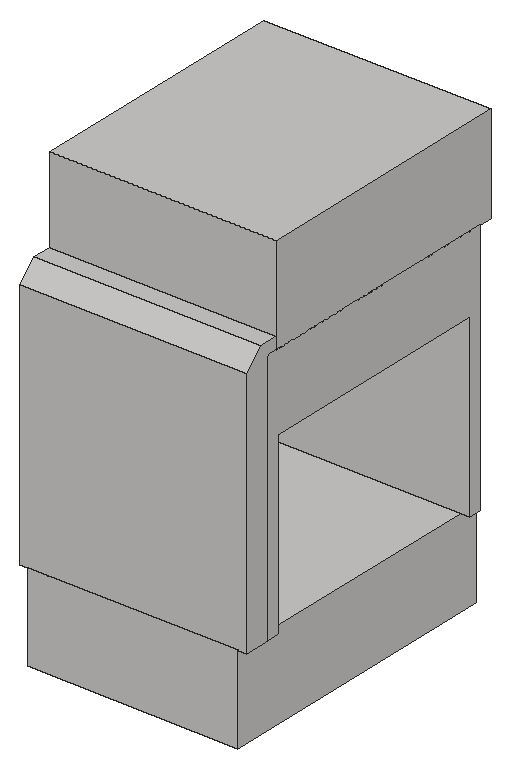
Revit family "QF_ELECTROLUXPROFESSIONAL_888002_NMDSRE3", category Specialty Equipment, Revit 2018
Family settings
  Round Connector Dimension = Use Diameter
  Part Type = Normal
  Work Plane-Based = No
  Always vertical = Yes
  Cut with Voids When Loaded = No
  Shared = No
  Room Calculation Point = No
Parameters
  Weight = 55.00 kg
  Watts = 0 W
  Volts = 0 V
  URL Manufacturer = ""
  URL = ""
  Steam Supply Size = 0 mm
  Steam Supply Minimum Pressure = 0.0 Pa
  Steam Supply Maximum Pressure = 0.0 Pa
  Steam Pounds per Hour = 0
  Refrigeration Suction Line Size = 0 mm
  Refrigeration Liquid Line Size = 0 mm
  Refrigerant Compressor Remote = yes
  Manufacturer = ""
  Phase = 0
  Model = ""
  Length Actual = 570 mm  # constant formula
  Item Number = ""
  Hot Water Size = 0 mm
  Height Actual = 1187 mm  # constant formula
  HP = "5.8 HP"
  Gas Size = 0 mm
  Gas KW = 0
  Gas Input Pressure = 0 W
  Direct Waste Size = 50.8 mm
  Description = ""
  Depth Actual = 767 mm  # constant formula
  Cycle = 0 Hz
  Condensate Return Size = 0 mm
  Compressed Air Volume = 0.0 L/s
  Compressed Air Size = 0 mm
  Compressed Air Pressure = 0.0 Pa
  Cold Water Size = 0 mm
  Accessory = yes
Types (2, lengths in mm): name | Volts | URL Manufacturer | URL | Manufacturer | Phase | Model | Item Number | Description | Cycle
  (no name) | 0 V | "" | "" | "" | 0 | "" | "" | "" | 0 Hz
  Standard | 220 V | "http://professional.electrolux.com" | "http://professional.electrolux.com" | "Electrolux Professional" | 3 | "NMDSRE3" | "888002" | "MEDIUM HOT AIR BLOWER WITHOUT DOOR FOR SINGLE RINSE RACK TYPE DISHWASHER, ELECTRIC,570MM, 4.5KW,220-240V/ 60HZ/3" | 60 Hz
Reference planes
  plane 1 "Centro (Fronte/Retro)": y = 0
  plane 2: z = 0
  plane 3 "Centro (Sinistra/Destra)": x = 0
  plane 4 "LEFT": x = -285
  plane 5 "RIGHT": x = 285
  plane 6 "BACK": y = 383.5
  plane 7 "FRONT": y = -383.5
  plane 8: z = 637
  plane 9: z = 1748
  plane 10: y = 583.5
Forms (mm)
  Extrusion 1, solid, material "QF_Finishes_Stainless Steel"
    sketch origin (0, -19, 0) x (0, 1, 0) y (0, 0, 1)
      loop
        line (-270.5, 1531) -> (-320.5, 1531) -> (-364.5, 1487) -> (-364.5, 858) -> (-298.5, 858) -> (-298.5, 1501) -> (-270.5, 1501) -> (-270.5, 1531)
    from -285 to 285
  Extrusion 2, solid, material "QF_Finishes_Stainless Steel"
    sketch origin (0, 0, 0) x (0, 1, 0) y (0, 0, 1)
      loop
        line (-383.5, 858) -> (-383.5, 637) -> (364.5, 637) -> (364.5, 858) -> (-383.5, 858)
    from -264 to 264
  Extrusion 3, solid, material "QF_Finishes_Stainless Steel"
    sketch origin (0, 0, 0) x (0, 1, 0) y (0, 0, 1)
      loop
        line (-289.5, 1501) -> (383.5, 1501) -> (383.5, 1747) -> (-289.5, 1747) -> (-289.5, 1501)
    from -285 to 285
  Extrusion 4, solid, material "QF_Finishes_Stainless Steel"
    sketch origin (0, 0, 0) x (0, 1, 0) y (0, 0, 1)
      loop
        line (-317.5, 1501) -> (-317.5, 858) -> (-284.5, 858) -> (-284.5, 1308) -> (316.5, 1308) -> (316.5, 858) -> (349.5, 858) -> (349.5, 1501) -> (-317.5, 1501)
    from -285 to 285
  Extrusion 5, solid, material "QF_Finishes_Stainless Steel"
    sketch origin (0, -3.5, 22.487) x (1, 0, 0) y (0, 1, 0)
      loop
        circle (0, 0) r 25
    from 538.513 to 614.513
Lines and regions (mm)
  symbolic lines, style "QF_Clearances"
    curve 1: line (0, 16, 1501) -> (0, 16, 481)
  symbolic lines
    curve 2: line (-285, 383.5, 0) -> (285, 383.5, 0)
    curve 3: line (-285, -383.5, 0) -> (-285, 383.5, 0)
    curve 4: line (285, -383.5, 0) -> (-285, -383.5, 0)
    curve 5: line (285, 383.5, 0) -> (285, -383.5, 0)
    curve 6: line (-285, -289.5, 0) -> (285, -289.5, 0)
    curve 7: line (285, -339.5, 0) -> (-285, -339.5, 0)
Dimensions and locks
  equal spacing: plane 4 "LEFT", plane 3 "Centro (Sinistra/Destra)", plane 5 "RIGHT"
  plane 4 "LEFT" to plane 5 "RIGHT" = 570 mm
  equal spacing: plane 6 "BACK", plane 1 "Centro (Fronte/Retro)", plane 7 "FRONT"
  plane 6 "BACK" to plane 7 "FRONT" = 767 mm
  plane 9 to plane 8 to level = 1111 mm, 637 mm
  locked: plane 10 to plane 6 "BACK" at 200
  aligned and locked: level to plane 2
  aligned and locked: plane 8 to Extrusion 2 sketch curve
Automatic sketch dimensions
  Extrusion 1 sketch curve to plane 9 = 217 mm
  Extrusion 1 sketch curve to Extrusion 1 sketch curve = 50 mm
  Extrusion 1 sketch curve to Extrusion 1 sketch curve = 30 mm
  plane 7 "FRONT" to Extrusion 1 sketch curve = 66 mm
  Extrusion 1 sketch curve to Extrusion 1 sketch curve = 28 mm
  plane 8 to Extrusion 1 sketch curve = 221 mm
  plane 7 "FRONT" to Extrusion 1 sketch curve = 0 mm
  Extrusion 1 sketch curve to Extrusion 1 sketch curve = 14 mm
  plane 7 "FRONT" to Extrusion 2 sketch curve = 0 mm
  Extrusion 2 sketch curve to plane 6 "BACK" = 19 mm
  Extrusion 3 sketch curve to plane 9 = 1 mm
  plane 7 "FRONT" to Extrusion 3 sketch curve = 94 mm
  plane 6 "BACK" to Extrusion 3 sketch curve = 0 mm
  Extrusion 3 sketch curve to Extrusion 3 sketch curve = 246 mm
  Extrusion 4 sketch curve to plane 6 "BACK" = 34 mm
  plane 8 to Extrusion 4 sketch curve = 221 mm
  plane 7 "FRONT" to Extrusion 4 sketch curve = 66 mm
  Extrusion 4 sketch curve to Extrusion 4 sketch curve = 193 mm
  plane 7 "FRONT" to Extrusion 4 sketch curve = 99 mm
  Extrusion 4 sketch curve to plane 6 "BACK" = 67 mm
  Extrusion 4 sketch curve to Extrusion 4 sketch curve = 0 mm
  Extrusion 4 sketch curve to plane 9 = 247 mm
  plane 1 "Centro (Fronte/Retro)" to Extrusion 5 sketch curve = 3.5 mm
  Extrusion 5 sketch curve to plane 3 "Centro (Sinistra/Destra)" = 0 mm
  curve 1 to plane 1 "Centro (Fronte/Retro)" = 16 mm
  curve 1 to plane 8 = 156 mm
  curve 1 to plane 9 = 247 mm
  Extrusion 2 sketch curve to Extrusion 2 sketch curve = 221 mm
  curve 4 to plane 4 "LEFT" = 0 mm
  curve 4 to plane 5 "RIGHT" = 0 mm
  curve 4 to plane 7 "FRONT" = 0 mm
  curve 3 to plane 6 "BACK" = 0 mm
  plane 7 "FRONT" to curve 6 = 94 mm
  plane 7 "FRONT" to curve 7 = 44 mm
  radius of Extrusion 5 sketch curve = 25 mm
Connectors
  piping at (0, -3.5, 561), diameter 50
    settings: on Extrusion 5, index 1, connector inside diameter 609.6 mm, connector length 0 mm, flow factor 0, pipe flow 0.0 L/s, pressure drop 0.0 Pa, fitting loss kfactor 0, connector angle 0.00°, fixture units 0, engagement length 0 mm, angle of deflection 0.00°, flow configuration 1, flow direction 2, fitting loss method 0, system type 16, joint type 0, gender type 0, connector reference index -1, connector utility 0, adjustable connector no, is connector primary yes, connector description "Drain"
